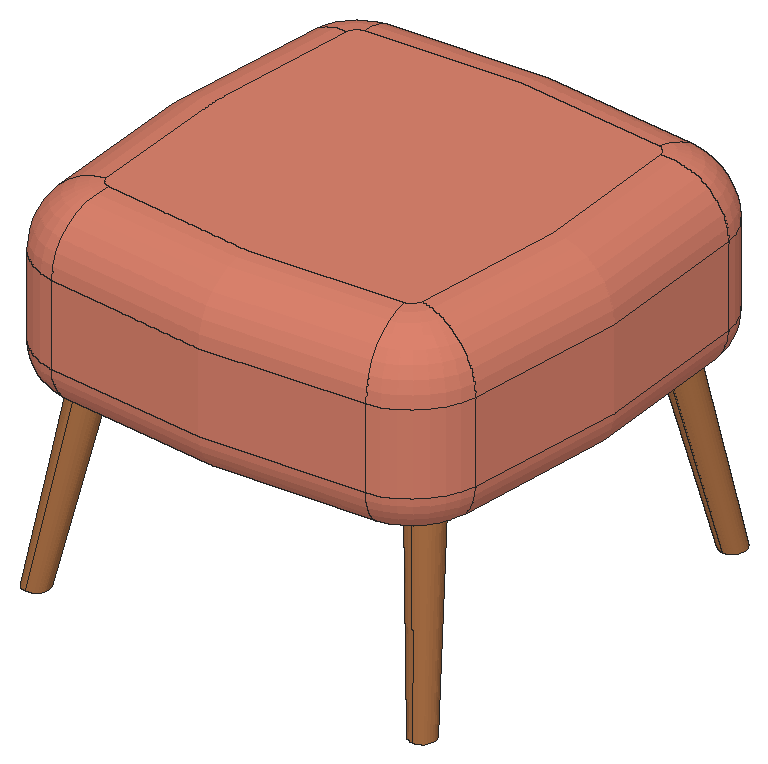
Revit family "Furniture_Chair_ROSE 8.3", category Furniture, Revit 2019
Family settings
  OmniClass Number = 23.21.23.15.17
  Work Plane-Based = Yes
  Always vertical = No
  Cut with Voids When Loaded = No
  Shared = No
  Room Calculation Point = No
Parameters (values of type "ROSE 8.3")
  Youtube clip = ""
  Uniformat II Description = "Movable Furnishings"
  Uniformat II Code = ""
  Uniclass 2015 Name = ""
  Uniclass 2015 Code = ""
  Uniclass 2.0 Description = ""
  Uniclass 2.0 Code = ""
  Uniclass 1.4 Description = ""
  Uniclass 1.4 Code = ""
  UNSPSC Code = ""
  Technical description = ""
  Shell Material = Leather - Sandler Leather 157
  Frame Material = Wood Color - 2001 Reddish Orange
  Region South America = "All"
  Region Oceania = "All"
  Region North America = "All"
  Region Middle East = "All"
  Region Europe = "All"
  Region Asia = "All"
  Region Antarctica = "All"
  Region Africa = "All"
  QR code = "https://www.sandlerseating.com/product/rose-8-3/"
  Product url = "https://www.sandlerseating.com/product/rose-8-3/"
  Product name = "ROSE 8.3"
  Product group = "Chair"
  Product family = "Furniture"
  Product data url = "https://www.sandlerseating.com/product/rose-8-3/"
  Product certification = ""
  Product SKU = "??"
  Product Guid = "??"
  OmniClass Description = ""
  OmniClass Code = "23-21 23 15 17"
  NBS Reference Description = ""
  NBS Reference Code = ""
  Model = "ROSE 8.3"
  Masterformat 2014 Description = "Chair Mats"
  Masterformat 2014 Code = "12 48 43.13"
  Manufacturer name = "Sandler"
  Manufacturer country = "USA"
  Manufacturer = "Sandler"
  Installation instructions = ""
  IFC Classification = "Furnishing Element"
  GTIN code = ""
  Edition number = 1
  Design country = "Brasil"
  Description = "Chair"
  Default Elevation = 1219.200 mm
  Date of publishing = ""
  COBIe Type Category = ""
  Brand url = "https://www.sandlerseating.com/"
  BIMobject main category code = "furniture"
  BIMobject main category = "Furniture"
  BIMobject category code = "furniture-chair"
  BIMobject category = "Chair"
Reference planes
  plane 1 "Center Front/Back": y = 0
  plane 2: z = 0
  plane 3 "Center Left/Right": x = 0
Forms (mm)
  Blend 1, solid, material "Wood Color - 2001 Reddish Orange" <- "Frame Material"
    base sketch origin (-53.131, -38.502, 935) x (0, 1, 0) y (-1, 0, 0)
      loop
        circle (-155.892, 152.659) r 20.651
    top sketch origin (-53.131, -38.502, 935) x (0, 1, 0) y (-1, 0, 0)
      loop
        circle (-200.253, 184.58) r 15
    from -714.529 to -935
  Extrusion 2, solid, material "Leather - Sandler Leather 157" <- "Shell Material"
    sketch origin (0, 0, 800) x (-1, 0, 0) y (0, -1, 0)
      loop
        arc (268.445, 194.998) -> (243.171, 244.94) -> (193.264, 270.284) r 90
        arc (193.264, 270.284) -> (0, 285.165) -> (-193.264, 270.284) r 1262.496
        arc (-193.264, 270.284) -> (-243.171, 244.94) -> (-268.445, 194.998) r 90
        arc (-268.445, 194.998) -> (-283.05, -0.406) -> (-267.243, -195.718) r 1262.496
        arc (-267.243, -195.718) -> (-241.828, -245.339) -> (-192.062, -270.47) r 90
        arc (-192.062, -270.47) -> (0, -285.165) -> (192.062, -270.47) r 1262.496
        arc (192.062, -270.47) -> (241.828, -245.339) -> (267.243, -195.718) r 90
        arc (267.243, -195.718) -> (283.05, -0.406) -> (268.445, 194.998) r 1262.496
    from -582.904 to -360
  Sweep 3, void
    path in 3D
      loop
        arc (-267.243, 195.718, 440) -> (-241.828, 245.339, 440) -> (-192.062, 270.47, 440) r 90
        arc (-192.062, 270.47, 440) -> (0, 285.165, 440) -> (192.062, 270.47, 440) r 1262.496
        arc (192.062, 270.47, 440) -> (241.828, 245.339, 440) -> (267.243, 195.718, 440) r 90
        arc (267.243, 195.718, 440) -> (283.05, 0.406, 440) -> (268.445, -194.998, 440) r 1262.496
        arc (268.445, -194.998, 440) -> (243.171, -244.94, 440) -> (193.264, -270.284, 440) r 90
        arc (193.264, -270.284, 440) -> (0, -285.165, 440) -> (-193.264, -270.284, 440) r 1262.496
        arc (-193.264, -270.284, 440) -> (-243.171, -244.94, 440) -> (-268.445, -194.998, 440) r 90
        arc (-268.445, -194.998, 440) -> (-283.05, 0.406, 440) -> (-267.243, 195.718, 440) r 1262.496
    profile origin (-283.05, 0.406, 440) x (-0.999995, 0.003076, 0) y (0, 0, 1)
      loop
        line (0, 0) -> (-75, 0)
        arc (-75, 0) -> (-21.967, -21.967) -> (0, -75) r 75
        line (0, -75) -> (0, 0)
      loop
        line (0, -222.904) -> (0, -172.904)
        arc (0, -172.904) -> (-14.645, -208.259) -> (-50, -222.904) r 50
        line (-50, -222.904) -> (0, -222.904)
  Blend 4, solid, material "Wood Color - 2001 Reddish Orange" <- "Frame Material"
    base sketch origin (53.131, -38.502, 935) x (0, 1, 0) y (-1, 0, 0)
      loop
        circle (-155.892, -152.659) r 20.651
    top sketch origin (53.131, -38.502, 935) x (0, 1, 0) y (-1, 0, 0)
      loop
        circle (-200.253, -184.58) r 15
    from -714.529 to -935
  Blend 5, solid, material "Wood Color - 2001 Reddish Orange" <- "Frame Material"
    base sketch origin (-53.131, 38.502, 935) x (0, -1, 0) y (1, 0, 0)
      loop
        circle (-155.892, -152.659) r 20.651
    top sketch origin (-53.131, 38.502, 935) x (0, -1, 0) y (1, 0, 0)
      loop
        circle (-200.253, -184.58) r 15
    from -714.529 to -935
  Blend 6, solid, material "Wood Color - 2001 Reddish Orange" <- "Frame Material"
    base sketch origin (53.131, 38.502, 935) x (0, -1, 0) y (1, 0, 0)
      loop
        circle (-155.892, 152.659) r 20.651
    top sketch origin (53.131, 38.502, 935) x (0, -1, 0) y (1, 0, 0)
      loop
        circle (-200.253, 184.58) r 15
    from -714.529 to -935
Cuts and joins
  Sweep 3 cuts Extrusion 2
Lines and regions (mm)
  sketch lines
    curve 1: arc (-268.445, -194.998, 440) -> (-283.05, 0.406, 440) -> (-267.243, 195.718, 440) r 1262.496
    curve 2: arc (-193.264, -270.284, 440) -> (-243.171, -244.94, 440) -> (-268.445, -194.998, 440) r 90
    curve 3: arc (193.264, -270.284, 440) -> (0, -285.165, 440) -> (-193.264, -270.284, 440) r 1262.496
    curve 4: arc (268.445, -194.998, 440) -> (243.171, -244.94, 440) -> (193.264, -270.284, 440) r 90
    curve 5: arc (267.243, 195.718, 440) -> (283.05, 0.406, 440) -> (268.445, -194.998, 440) r 1262.496
    curve 6: arc (192.062, 270.47, 440) -> (241.828, 245.339, 440) -> (267.243, 195.718, 440) r 90
    curve 7: arc (-192.062, 270.47, 440) -> (0, 285.165, 440) -> (192.062, 270.47, 440) r 1262.496
    curve 8: arc (-267.243, 195.718, 440) -> (-241.828, 245.339, 440) -> (-192.062, 270.47, 440) r 90
Dimensions and locks
  aligned and locked: level to plane 2
